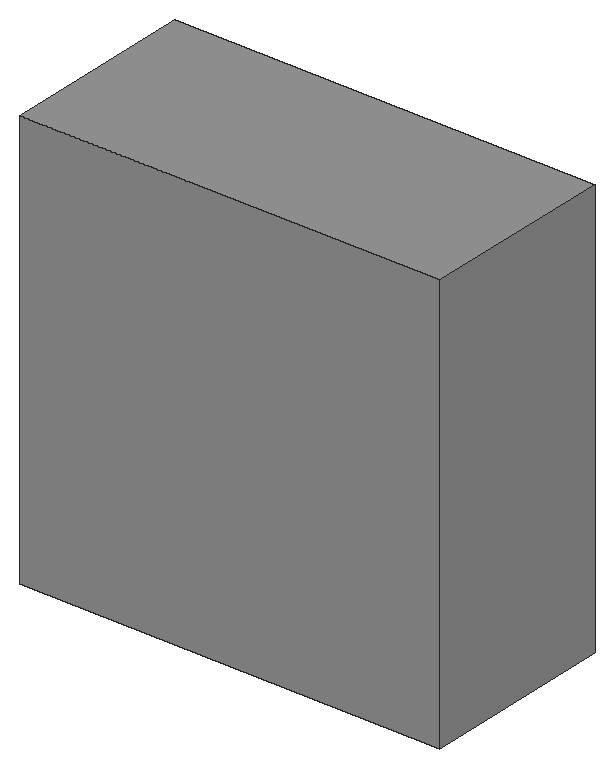
Revit family "EI_Wetterstation_V1700", category Elektroinstallationen, Revit 2017
Family settings
  Beschriftungsausrichtung beibehalten = Nein
  Bemaßung runder Anschluss = Durchmesser verwenden
  Teiletyp = Normal
  OmniClass-Nummer = 23.80.00.00
  OmniClass-Titel = Electric Power and Lighting
  Arbeitsebenenbasiert = Nein
  Immer vertikal = Ja
  Beim Laden mit Abzugskörper schneiden = Ja
  Gemeinsam genutzt = Nein
  Raumberechnungspunkt = Nein
Parameters (values of type "Wettterstation")
  pbr_Material_KZ = ""
  pbr_Material = none
  pbr_E_Typ = ""
  pbr_E_KZ = ""
  pbr_DINBild = 0
  pbr_Bild = 0
  pbr_3Dx_Delta_Korrekturversatz [instance] = 0 mm
  pbr_3DX_Versatzfaktor [instance] = 0
  pbr_2DY_Versatzfaktor [instance] = 0
  pbr_2DX_Versatzfaktor [instance] = 0
  cpiFitMatchKey [instance] = "E-BM-BMPA"
  Zentrale [instance] = ""
  Wirkleistung [instance] = 0 W
  Winkel [instance] = 90.00°
  Wetterstation = yes
  Typ [instance] = ""
  Tiefe = 37 mm
  Text3 [instance] = ""
  Text2 [instance] = ""
  Text1 [instance] = ""
  Spannung [instance] = 0
  Scheinleistung [instance] = 0 VA
  Schaltgruppe2 [instance] = 0
  Schaltgruppe1 [instance] = 0
  Polig [instance] = 1
  Planungsbüro Rohling = "www.pbr.de"
  Nennstrom [instance] = 0
  Menge(Dosenzahl) [instance] = 0
  Länge = Breite  # 80 mm
  Linie/Anschluss [instance] = ""
  Leistungsfaktor [instance] = 0
  Lastklassifizierung = none
  Installationsart [instance] = ""
  Info [instance] = ""
  Gleichzeitigkeitsfaktor3 [instance] = 0
  Gleichzeitigkeitsfaktor2 [instance] = 0
  Gleichzeitigkeitsfaktor1 [instance] = 0
  Gewerk [instance] = "Steck"
  Eckversatz [instance] = 0 mm
  YFrontversatz [instance] = if(pbr_2DY_Versatzfaktor = 300, 0 mm, pbr_2DY_Versatzfaktor * 300 mm)  # 0 mm
  XSeitenversatz [instance] = if(pbr_2DX_Versatzfaktor = 0, 3000 mm, 3000 mm + (pbr_2DX_Versatzfaktor * 300 mm)) + Eckversatz  # 3000 mm
  X3Dversatz [instance] = if([3DX_Versatzkontrolle] = 0, 2000 mm, 2000 mm + ([3DX_Versatzkontrolle] * (300 mm - Breite))) + pbr_3Dx_Delta_Korrekturversatz  # 2000 mm
  Niveau [instance] = 1200 mm
  Breite = 80 mm
  Anlaufstrom [instance] = 0
  3DX_Versatzkontrolle [instance] = if(pbr_3DX_Versatzfaktor = 0, (pbr_2DX_Versatzfaktor * -1), (((-1 * pbr_3DX_Versatzfaktor) + pbr_2DX_Versatzfaktor) * -1))  # 0
Reference planes
  plane 1 "Mitte (Vorne/Hinten)": y = 0
  plane 2: z = 0
  plane 3 "Mitte (Links/Rechts)": x = 22.5
  plane 4: x = -127.5
  plane 5: x = 172.5
  plane 6: y = 300
  plane 7 "Schalterhinten": y = 0
  plane 8: x = -2977.5
  plane 9: x = 22.5
  plane 10: x = -1977.5
  plane 11: x = -17.5
  plane 12: x = 62.5
  plane 13: z = 1240
  plane 14: z = 1160
  plane 15 "SchalterVorne": y = 37
  plane 16 "3DMitte": x = 22.5
  plane 17 "Achse": z = 1200
  plane 18: z = 1197.5
  plane 19: z = 1202.5
  plane 20 "2DMitte": y = 150
Forms (mm)
  Extrusion 1, solid, material "Stahl, weich, geschweißt"
    sketch origin (0, 20, 0) x (0, 0, 1) y (-1, 0, 0)
      loop
        line (1160, 17.5) -> (1160, -62.5) -> (1240, -62.5) -> (1240, 17.5) -> (1160, 17.5)
    from -17 to 20
Dimensions and locks
  locked: plane 6 to plane 7 "Schalterhinten" at 300
  "XSeitenversatz": plane 8 to plane 9
  plane 8 to plane 3 "Mitte (Links/Rechts)" = 3000 mm
  "YFrontversatz": plane 1 "Mitte (Vorne/Hinten)" to plane 7 "Schalterhinten"
  "Breite": plane 12 to plane 11
  "Länge": plane 13 to plane 14
  plane 9 to plane 10 = 2000 mm
  equal spacing: plane 12, plane 16 "3DMitte", plane 11
  "X3Dversatz": plane 16 "3DMitte" to plane 10
  equal spacing: plane 13, plane 17 "Achse", plane 14
  "Niveau": plane 17 "Achse" to level
  "Tiefe": plane 15 "SchalterVorne" to plane 1 "Mitte (Vorne/Hinten)"
  plane 13 to plane 18 = 42.5 mm
  plane 19 to plane 14 = 42.5 mm
  equal spacing: plane 4, plane 9, plane 5, locked at 150 each
  locked: plane 4 to plane 5 at 300
  equal spacing: plane 6, plane 20 "2DMitte", plane 7 "Schalterhinten", locked at 150 each
  aligned and locked: level to plane 2
  aligned and locked: Extrusion 1 sketch curve to plane 14
  aligned and locked: Extrusion 1 sketch curve to plane 11
  aligned and locked: Extrusion 1 sketch curve to plane 13
  aligned and locked: plane 12 to Extrusion 1 sketch curve
  aligned and locked: plane 1 "Mitte (Vorne/Hinten)" to Extrusion 1
  aligned and locked: Extrusion 1 to plane 15 "SchalterVorne"
  aligned and locked: nested 1 to plane 9
  aligned and locked: nested 1 to plane 7 "Schalterhinten"
Nested families
  nested 1: "Wetterstation" at (22.5, 0, 0), visible <- "Wetterstation", type "Wetterstation"
Connectors
  electrical at (22.5, 0, 1200)
    settings: on Extrusion 1, index 1, voltage 0 V, apparent load 0 VA, apparent load phase1 0 VA, apparent load phase2 0 VA, apparent load phase3 0 VA, power factor 1, load classification "Sonstige", number of poles 1, system type 11, power factor state 1, is connector primary yes, connector utility no, sub classification motor no, connector description ""
Definition of nested family "Wetterstation"
  Reference planes
    plane 1 "Mitte (Vorne/Hinten)": y = 0
    plane 2: z = 0
    plane 3 "Mitte (Links/Rechts)": x = 0
  Lines and regions (mm)
    Filled region 1, type "Beton", in view "Referenzebene"
      outline origin (0, 0, 0) x (1, 0, 0) y (0, 1, 0)
        loop
          line (10.958, 425.587) -> (4.692, 425.587) -> (4.692, 367.207) -> (33.959, 367.207) -> (33.959, 374.065) -> (10.958, 374.065) -> (10.958, 425.587)
        loop
          line (51.738, 394.771) -> (44.173, 409.465) -> (37.011, 409.465) -> (48.449, 389.177) -> (36.09, 367.207) -> (43.026, 367.207) -> (51.92, 383.861) -> (60.708, 367.182) -> (67.752, 367.182) -> (55.15, 389.568) -> (66.862, 409.476) -> (60.009, 409.476) -> (51.738, 394.771)
        loop
          spline (2.436, 259.979) -> (2.873, 265.268) -> (3.254, 267.458) -> (3.818, 269.165) -> (4.71, 270.857) -> (6.005, 272.448) -> (7.654, 273.72) -> (9.556, 274.463) -> (11.432, 274.637) -> (12.989, 274.268) -> (14.395, 273.425) -> (15.884, 271.659) -> (17.009, 266.235)
          line (17.009, 266.235) -> (17.009, 237.539) -> (22.632, 237.539) -> (22.632, 259.48)
          spline (22.632, 259.48) -> (22.66, 262.882) -> (22.853, 265.578) -> (23.296, 267.883) -> (23.934, 269.79) -> (24.793, 271.335) -> (26.039, 272.661) -> (27.708, 273.786) -> (29.583, 274.484) -> (31.517, 274.562) -> (33.559, 273.947) -> (35.61, 272.254) -> (37.021, 268.068)
          line (37.021, 268.068) -> (37.021, 237.545) -> (42.758, 237.545) -> (42.758, 268.213)
          spline (42.758, 268.213) -> (42.145, 272.363) -> (41.357, 274.607) -> (40.46, 276.333) -> (39.368, 277.842) -> (37.95, 279.07) -> (36.266, 279.984) -> (34.531, 280.571) -> (32.848, 280.815) -> (31.012, 280.686) -> (28.77, 280.137) -> (26.101, 278.751) -> (23.229, 275.716)
          line (23.229, 275.716) -> (21.754, 273.162)
          spline (21.754, 273.162) -> (20.423, 276.223) -> (19.237, 277.925) -> (18.031, 279.035) -> (16.738, 279.857) -> (15.342, 280.414) -> (13.833, 280.719) -> (12.191, 280.771) -> (10.398, 280.565) -> (8.436, 280.08) -> (6.328, 279.074) -> (4.122, 277.139) -> (1.867, 273.865)
          line (1.867, 273.865) -> (1.867, 279.805) -> (-3.133, 279.805) -> (-3.133, 237.701) -> (2.436, 237.701) -> (2.436, 259.979)
        loop
          line (64.397, 296.919) -> (59.789, 296.919) -> (46.298, 236.557) -> (50.906, 236.557) -> (64.397, 296.919)
        loop
          line (86.976, 267.842) -> (92.494, 268.914)
          spline (92.494, 268.914) -> (85.908, 279.417) -> (78.544, 280.761) -> (71.469, 278.622) -> (67.347, 272.685) -> (66.97, 265.43) -> (70.569, 259.618) -> (77.215, 256.558) -> (85.79, 253.329) -> (87.981, 248.598) -> (83.673, 242.969) -> (76.016, 243.24) -> (71.414, 251.288)
          line (71.414, 251.288) -> (65.747, 250.187)
          spline (65.747, 250.187) -> (70.655, 239.486) -> (77.961, 236.674) -> (84.496, 237.152) -> (90.707, 241.124) -> (93.857, 249.067) -> (92.653, 255.924) -> (87.492, 260.496) -> (79.224, 263.466) -> (72.764, 267.032) -> (73.728, 273.025) -> (80.827, 274.756) -> (86.976, 267.842)
        loop
          line (3.972, 119.546) -> (-2.194, 119.546) -> (-2.194, 61.194) -> (4.001, 61.194) -> (4.001, 88.748) -> (28.304, 88.748) -> (28.304, 61.194) -> (34.336, 61.194) -> (34.336, 119.546) -> (28.304, 119.546) -> (28.304, 95.611) -> (3.972, 95.611) -> (3.972, 119.546)
        loop
          line (56.837, 58.952) -> (82.643, 120.523) -> (77.973, 120.523) -> (52.167, 58.952) -> (56.837, 58.952)
        loop
          spline (52.266, 89.643) -> (54.854, 90.174) -> (57.266, 91.732) -> (59.337, 94.21) -> (60.926, 97.44) -> (61.925, 101.201) -> (62.266, 105.237) -> (61.925, 109.273) -> (60.926, 113.034) -> (59.337, 116.264) -> (57.266, 118.742) -> (54.854, 120.3) -> (52.266, 120.831)
          spline (52.266, 120.831) -> (49.677, 120.3) -> (47.266, 118.742) -> (45.194, 116.264) -> (43.605, 113.034) -> (42.606, 109.273) -> (42.266, 105.237) -> (42.606, 101.201) -> (43.605, 97.44) -> (45.194, 94.21) -> (47.266, 91.732) -> (49.677, 90.174) -> (52.266, 89.643)
        loop
          spline (52.414, 94.321) -> (53.708, 94.688) -> (54.914, 95.764) -> (55.95, 97.475) -> (56.744, 99.705) -> (57.244, 102.302) -> (57.414, 105.089) -> (57.244, 107.875) -> (56.744, 110.472) -> (55.95, 112.702) -> (54.914, 114.413) -> (53.708, 115.489) -> (52.414, 115.856)
          spline (52.414, 115.856) -> (51.12, 115.489) -> (49.914, 114.413) -> (48.879, 112.702) -> (48.084, 110.472) -> (47.584, 107.875) -> (47.414, 105.089) -> (47.584, 102.302) -> (48.084, 99.705) -> (48.879, 97.475) -> (49.914, 95.764) -> (51.12, 94.688) -> (52.414, 94.321)
        loop
          spline (82.422, 58.415) -> (85.011, 58.946) -> (87.422, 60.504) -> (89.493, 62.982) -> (91.083, 66.212) -> (92.082, 69.973) -> (92.422, 74.009) -> (92.082, 78.045) -> (91.083, 81.806) -> (89.493, 85.035) -> (87.422, 87.514) -> (85.011, 89.071) -> (82.422, 89.603)
          spline (82.422, 89.603) -> (79.834, 89.071) -> (77.422, 87.514) -> (75.351, 85.035) -> (73.762, 81.806) -> (72.763, 78.045) -> (72.422, 74.009) -> (72.763, 69.973) -> (73.762, 66.212) -> (75.351, 62.982) -> (77.422, 60.504) -> (79.834, 58.946) -> (82.422, 58.415)
        loop
          spline (82.571, 63.093) -> (83.865, 63.46) -> (85.071, 64.535) -> (86.106, 66.247) -> (86.901, 68.477) -> (87.401, 71.073) -> (87.571, 73.86) -> (87.401, 76.647) -> (86.901, 79.244) -> (86.106, 81.474) -> (85.071, 83.185) -> (83.865, 84.261) -> (82.571, 84.627)
          spline (82.571, 84.627) -> (81.277, 84.261) -> (80.071, 83.185) -> (79.035, 81.474) -> (78.241, 79.244) -> (77.741, 76.647) -> (77.571, 73.86) -> (77.741, 71.073) -> (78.241, 68.477) -> (79.035, 66.247) -> (80.071, 64.535) -> (81.277, 63.46) -> (82.571, 63.093)
    detail lines, in view "Referenzebene"
      curve 1: line (-169.142, 0, 0) -> (-286.32, 0, 0)
      curve 2: line (-286.32, 0, 0) -> (-286.32, 466.245, 0)
      curve 3: line (-286.32, 466.245, 0) -> (-169.142, 466.245, 0)
      curve 4: line (-169.142, 466.245, 0) -> (-169.142, 0, 0)
      curve 5: line (-169.142, 0, 0) -> (-169.142, 466.245, 0)
      curve 6: line (-169.142, 466.245, 0) -> (297.103, 466.245, 0)
      curve 7: line (297.103, 466.245, 0) -> (297.103, 0, 0)
      curve 8: line (297.103, 0, 0) -> (-169.142, 0, 0)
      curve 9: line (-244.382, 391.005, 0) -> (-244.382, 74.007, 0)
      curve 10: line (-211.079, 391.005, 0) -> (-211.079, 74.007, 0)
      curve 11: line (-261.651, 373.736, 0) -> (-227.114, 408.273, 0)
      curve 12: line (-227.114, 408.273, 0) -> (-193.811, 373.736, 0)
      curve 13: line (-193.811, 373.736, 0) -> (-227.114, 407.04, 0)
      curve 14: line (-227.114, 407.04, 0) -> (-261.651, 373.736, 0)
      curve 15: line (-193.811, 91.276, 0) -> (-227.114, 57.973, 0)
      curve 16: line (-227.114, 57.973, 0) -> (-261.651, 91.276, 0)
